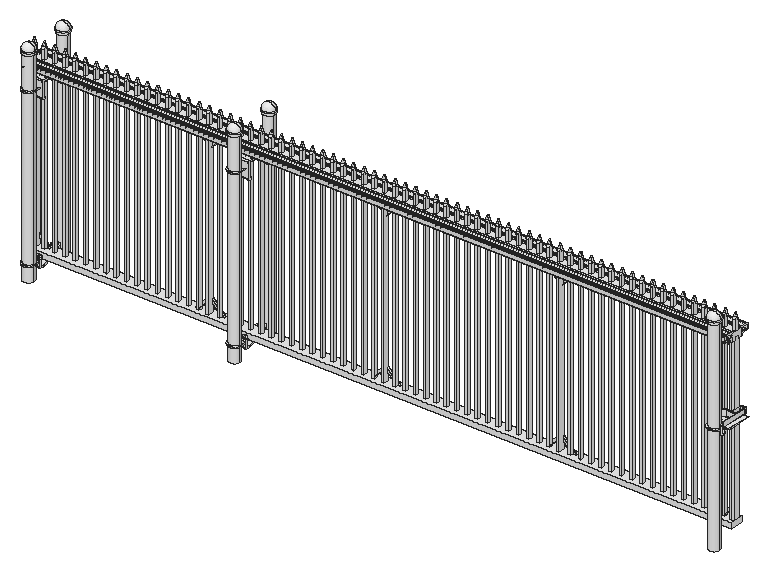
Revit family "Site-Fencing-Tymetal_Corp-Structural_Cantilever_Slide_Gate-Ornamental", category Site, Revit 2015
Parameters (values of type "Standard")
  URL = "http://www.tymetal.com/"
  Support Bracket = Picket Panel Count - 1  # 3
  Single Gate Clearances = if(Clear Opening < 12' 0", 12' 0", if(Clear Opening > 30' 0", 30' 0", Clear Opening))  # 15' - 0"
  Proposed Fence Location [instance] = yes
  Product data url = "https://bimobject.com/tymetal/product/tymetal-fortress-structural"
  Product Page URL = "http://www.tymetal.com/industrial-commercial/cantilever-gates/fortress-structural-cantilever/"
  Product Documentation Link = "http://www.tymetal.com/wp-content/uploads/2013/04/Tymetal-Fortress-Structural-Cantilever-Slide-Gate.pdf"
  Post Spacing = (Single Gate Clearances / 2) - 0' 11"  # 6' - 7"
  Post Count = 2  # constant formula
  Post Radius = Post Diameter / 2  # 0' - 2"
  Post Height = Gate Height Clearances + 0' 6"  # 6' - 6"
  Post Diameter = 0' - 4"  # constant formula
  Picket Top = yes
  Picket Spacing = 0' - 4"
  Picket Panel Length = (Length - 0' 1") / Picket Panel Count  # 5' - 7 1/4"
  Picket Panel Count = if(and(Clear Opening > 12' 0", Clear Opening < 17' 0"), 4, if(and(Clear Opening > 18' 0", Clear Opening < 23' 0"), 5, if(and(Clear Opening > 24' 0", Clear Opening < 29' 0"), 6, if(and(Clear Opening > 30' 0", Clear Opening < 35' 0"), 7, if(and(Clear Opening > 36' 0", Clear Opening < 40' 0"), 8, 6)))))  # 4
  Picket Height = 0' - 6"
  Picket Count per Panel = Picket Panel Length / Picket Spacing  # 17
  Notes = "Single Clear Opening up to 40' and Double Clear Openings up to 80'"  # constant formula
  Nominal Gate Height = Gate Height Clearances + Picket Height  # 6' - 6"
  Mount Clamp Extension from Gate = 0' - 2 3/8"
  Model = "Ornamental"  # constant formula
  Manufacturer = "Tymetal Corp."  # constant formula
  Length = Single Gate Clearances * 1.5  # 22' - 6"
  Height = 6' - 0"
  Hardware Finish = Metal - Tymetal - Aluminum
  Gate Height Clearances = if(Height < 3' 0", 3' 0", if(Height > 8' 0", 8' 0", Height))  # 6' - 0"
  Gate Documentation Link = "http://www.tymetal.com/wp-content/uploads/2013/04/Tymetal-Fortress-Structural-Cantilever-Slide-Gate.pdf"
  Frame Width = 0' - 2"
  Finish Note = "For additional powder coat color options, please contact Tymetal"  # constant formula
  Finish = Metal - Tymetal - Aluminum
  Fence Offset from Grade = 0' - 5"
  Description = "Fortress Structural Cantilever Slide Gate with Ornamental Fencing"  # constant formula
  Cross Brace Length = Picket Panel Length  # 5' - 7 1/4"
  Clear Opening = 15' - 0"
  Catch Assembly Height Above Grade = 3' - 6"
  Bottom Guide Cover = no
  Assembly Code = "G2040100"
Reference planes (in)
  plane 1 "Center (Front/Back)": y = 0
  plane 2 "Bottom": z = 0
  plane 3 "Center (Left/Right)": x = 0
  plane 4 "Left": x = -135
  plane 5 "Right": x = 135
  plane 6 "Top": z = 78
  plane 7 "Opening Left": x = -49
  plane 8: x = -53
  plane 9: x = 131
  plane 10: z = 5
  plane 11: z = 72
  plane 12 "Center (Elevation)": z = 39
  plane 13: x = -130
  plane 14: y = -8.25
  plane 15: x = -51
  plane 16: x = -51
  plane 17: x = 134.5
  plane 18: x = -134.5
  plane 19: x = -130
  plane 20: x = -51
  plane 21: y = 8.25
  plane 22: z = 65.5625
  plane 23: x = -67.25
  plane 24: x = 67.25
Dimensions and locks (in)
  equal spacing: plane 4 "Left", plane 3 "Center (Left/Right)", plane 5 "Right"
  "Length": plane 4 "Left" to plane 5 "Right"
  "Gate Height Clearances": plane 11 to plane 2 "Bottom"
  "Post Diameter": plane 8 to plane 7 "Opening Left"
  plane 9 to plane 5 "Right" = 0' - 4"
  "Picket Height": plane 6 "Top" to plane 11
  "Fence Offset from Grade": plane 10 to level
  equal spacing: plane 6 "Top", plane 12 "Center (Elevation)", plane 2 "Bottom"
  "Single Gate Clearances": plane 7 "Opening Left" to plane 9
  group 2 to group 1 = 6' - 7"
  group 2 to group 1 = 0' - 0"
  group 1 to group 2 = 0' - 0"
  "Post Spacing": nested 4 to nested 1
  locked: plane 10 to nested 5 at 0.375
  "Catch Assembly Height Above Grade": level to nested 7
  locked: plane 11 to nested 8 at 0.125
  equal spacing: plane 8, plane 16, plane 7 "Opening Left"
  locked: plane 17 to plane 5 "Right" at 0.5
  locked: plane 4 "Left" to plane 18 at 0.5
  equal spacing: group 4, group 6, group 5, group 3
  equal spacing: group 3, group 5, group 6, group 4  (x2)
  "Post Spacing": nested 17 to nested 16
  locked: plane 4 "Left" to plane 13 at 5
  equal spacing: plane 21, plane 1 "Center (Front/Back)", plane 14
  locked: plane 21 to plane 14 at 16.5
  locked: plane 14 to nested 15 at 4
  locked: plane 11 to plane 22 at 6.4375
  "Picket Panel Length": plane 18 to plane 23
  "Picket Panel Length": plane 24 to plane 17
  equal spacing: group 9, group 11, group 10  (x3)
  equal spacing: group 12, group 14, group 15, group 13  (x3)
  aligned and locked: plane 8 to nested 1
  aligned and locked: plane 9 to nested 2
  aligned and locked: plane 4 "Left" to nested 3
  aligned and locked: nested 1 to level
  aligned and locked: nested 4 to level
  aligned and locked: nested 2 to level
  aligned and locked: nested 1 to nested 8
  aligned and locked: nested 4 to nested 9
  aligned and locked: nested 4 to nested 6
  aligned and locked: nested 7 to nested 2
  aligned and locked: nested 5 to nested 1
  aligned and locked: plane 13 to nested 4
  aligned and locked: plane 14 to nested 4
  aligned and locked: nested 10 to plane 17
  aligned and locked: plane 18 to nested 14
  aligned and locked: plane 18 to nested 11
  aligned and locked: nested 15 to plane 16
  aligned and locked: level to nested 16
  aligned and locked: nested 17 to level
  aligned and locked: plane 19 to nested 17
  aligned and locked: nested 17 to plane 21
  aligned and locked: nested 16 to plane 21
  aligned and locked: plane 1 "Center (Front/Back)" to nested 3
  aligned and locked: nested 9 to plane 14
  aligned and locked: nested 1 to plane 14
  aligned and locked: nested 5 to plane 14
  aligned and locked: nested 2 to plane 14
  aligned and locked: nested 7 to plane 14
  aligned and locked: nested 6 to plane 14
  aligned and locked: nested 8 to plane 14
  aligned and locked: nested 18 to plane 21
  aligned and locked: nested 19 to plane 21
  aligned and locked: plane 1 "Center (Front/Back)" to nested 14
  aligned and locked: nested 11 to plane 1 "Center (Front/Back)"
  aligned and locked: nested 10 to plane 1 "Center (Front/Back)"
  aligned and locked: nested 18 to nested 17
  aligned and locked: nested 19 to nested 16
  aligned and locked: nested 18 to nested 4
  aligned and locked: nested 19 to nested 1
  aligned and locked: plane 22 to nested 8
  aligned and locked: nested 6 to plane 22
  aligned and locked: plane 22 to nested 18
  aligned and locked: plane 22 to nested 19
  aligned and locked: plane 23 to nested 20
  aligned and locked: plane 1 "Center (Front/Back)" to nested 20
  aligned and locked: plane 17 to nested 21
  aligned and locked: plane 1 "Center (Front/Back)" to nested 21
  aligned and locked: nested 3 to nested 24
  aligned and locked: level to nested 11
  aligned and locked: level to nested 24
  aligned and locked: level to nested 13
  aligned and locked: level to nested 12
  aligned and locked: plane 18 to nested 24
  aligned and locked: level to nested 25
  aligned and locked: nested 25 to plane 17
  aligned and locked: level to nested 10
  aligned and locked: level to nested 2
  aligned and locked: plane 24 to nested 22
  aligned and locked: plane 1 "Center (Front/Back)" to nested 22
Nested families (in)
  nested 1: "Fence - Post" at (-51, -8.25, 0), type "Fence - Post"
    with Post Height 6' - 6"
  nested 2: "Fence - Post" at (133, -8.25, 0), type "Fence - Post"
    with Post Height 6' - 6"
  nested 3: "Fence - Frame" at (-86, 0, 0), type "Fence - Frame"
    with Outer Track yes, Outer Chain no, Frame Height 6' - 6"
  nested 4: "Fence - Post" at (-130, -8.25, 0), type "Fence - Post"
    with Post Height 6' - 6"
  nested 5: "Fence - Bottom Guide" at (-51, -8.25, 5.75), type "Fence - Bottom Guide"
    with Post Attachment Extension 0' - 2 3/8", Guide Cover no
  nested 6: "Fence - Hanger with Track" at (-130, -8.25, 65.5625), type "Fence - Hanger with Track"
    with Post Attachment Extension 0' - 2 3/8"
  nested 7: "Fence - Catch Assembly" at (133, -8.25, 42), type "Fence - Catch Assembly"
    with Post Attachment Extension 0' - 2 3/8", Catch Location 0' - 1 1/4"
  nested 8: "Fence - Hanger with Track" at (-51, -8.25, 65.5625), type "Fence - Hanger with Track"
    with Post Attachment Extension 0' - 2 3/8"
  nested 9: "Fence - Bottom Guide" at (-130, -8.25, 5.75), type "Fence - Bottom Guide"
    with Post Attachment Extension 0' - 2 3/8", Guide Cover no
  nested 10: "Fence - Picket Panel" at (103.75, 1, 0), type "Front Picket Panel"
    with Lower Cross Picket yes, Picket Spacing 0' - 4", Picket Space Calc 0' - 4", Picket Panel Count Calc 4, Picket Count Calc 16, Picket Count 17, Picket Panel Length 5' - 7 1/4"
  nested 11: "Fence - Picket Panel" at (-98, 1, 0), type "Front Picket Panel"
    with Lower Cross Picket yes, Picket Spacing 0' - 4", Picket Space Calc 0' - 4", Picket Panel Count Calc 4, Picket Count Calc 16, Picket Count 17, Picket Panel Length 5' - 7 1/4"
  nested 12: "Fence - Picket Panel" at (36.5, 1, 0), type "Front Picket Panel"
    with Lower Cross Picket yes, Picket Spacing 0' - 4", Picket Space Calc 0' - 4", Picket Panel Count Calc 4, Picket Count Calc 16, Picket Count 17, Picket Panel Length 5' - 7 1/4"
  nested 13: "Fence - Picket Panel" at (-30.75, 1, 0), type "Front Picket Panel"
    with Lower Cross Picket yes, Picket Spacing 0' - 4", Picket Space Calc 0' - 4", Picket Panel Count Calc 4, Picket Count Calc 16, Picket Count 17, Picket Panel Length 5' - 7 1/4"
  nested 14: "Fence - Picket at Cross" at (-134.5, 0, 0), type "Fence - Picket at Cross"
    with Nominal Gate Height 6' - 6"
  nested 15: "Fence" at (-102.5, -12.25, 0) x (-1, 0, 0) z (0, 0, 1), visible <- "Proposed Fence Location", type "Fence"
  nested 16: "Fence - Post" at (-51, 8.25, 0), type "Fence - Post"
    with Post Height 6' - 6"
  nested 17: "Fence - Post" at (-130, 8.25, 0), type "Fence - Post"
    with Post Height 6' - 6"
  nested 18: "Fence - Hanger with Track" at (-130, 8.25, 65.5625), type "Fence - Hanger with Track"
    with Post Attachment Extension 0' - 2 3/8"
  nested 19: "Fence - Hanger with Track" at (-51, 8.25, 65.5625), type "Fence - Hanger with Track"
    with Post Attachment Extension 0' - 2 3/8"
  nested 20: "Fence - Picket at Cross" at (-67.25, 0, 0), type "Fence - Picket at Cross"
    with Nominal Gate Height 6' - 6"
  nested 21: "Fence - Picket at Cross" at (134.5, 0, 0), type "Fence - Picket at Cross"
    with Nominal Gate Height 6' - 6"
  nested 22: "Fence - Picket at Cross" at (67.25, 0, 0), type "Fence - Picket at Cross"
    with Nominal Gate Height 6' - 6"
  nested 23: "Fence - Picket at Cross" at (0, 0, 0), type "Fence - Picket at Cross"
    with Nominal Gate Height 6' - 6"
  nested 24: "Fence - Ornamental Cross Brace" at (-98, 1, 0), type "Panel"
    with Panel Length 5' - 7 1/4"
  nested 25: "Fence - Ornamental Cross Brace" at (103.75, 1, 0), type "Panel"
    with Panel Length 5' - 7 1/4"
  nested 26: "Fence - Ornamental Cross Brace" at (-30.75, 1, 0), type "Panel"
    with Panel Length 5' - 7 1/4"
  nested 27: "Fence - Ornamental Cross Brace" at (36.5, 1, 0), type "Panel"
    with Panel Length 5' - 7 1/4"
Definition of nested family "Fence - Post"
  Parameters
    Post Radius = Post Diameter / 2  # 0' - 2"
    Post Material = none
    Post Height = 5' - 11 1/2"
    Post Diameter = 0' - 4"
    Cap Radius = Post Radius + 0' 0 1/4"  # 0' - 2 1/4"
  Reference planes (in)
    plane 1 "Center (Front/Back)": y = 0
    plane 2: z = 0
    plane 3 "Center (Left/Right)": x = 0
    plane 4: z = 75
    plane 5 "Post Right": x = 2
    plane 6 "Post Left": x = -2
    plane 7 "Post Front": y = 2
    plane 8 "Post Back": y = -2
    plane 9: z = 71.5
    plane 10: x = -2.25
    plane 11: x = -2.49863
    plane 12: z = 75
  Forms (in)
    Revolve 1, solid, material <- "Post Material", detail levels coarse
      sketch origin (0, 0, 0) x (1, 0, 0) y (0, 0, 1)
        loop
          line (-2, 0) -> (0, 0) -> (0, 75) -> (-2, 75) -> (-2, 0)
        axis (0, 75) -> (0, 0)
      angle from 0 to 360
    Revolve 2, solid, material <- "Post Material", detail levels medium+fine
      sketch origin (0, 0, 2.5) x (1, 0, 0) y (0, 0, 1)
        loop
          line (-2, -2.5) -> (0, -2.5) -> (0, 72.5)
          arc (0, 72.5) -> (-1.59099, 71.84099) -> (-2.25, 70.25) r 2.25
          line (-2.25, 70.25) -> (-2.49863, 70.25) -> (-2.49863, 70) -> (-2.25, 70) -> (-2.25, 69) -> (-2, 69) -> (-2, -2.5)
        axis (0, 72.5) -> (0, -2.5)
      angle from 0 to 360
  Lines and regions (in)
    Masking region 1
      outline origin (0, 0, 0) x (1, 0, 0) y (0, 1, 0)
        loop
          circle (0, 0) r 2
  Dimensions and locks (in)
    "Post Height": plane 9 to plane 2
    "Post Radius": plane 3 "Center (Left/Right)" to Revolve 1 sketch curve
    equal spacing: plane 6 "Post Left", plane 3 "Center (Left/Right)", plane 5 "Post Right"
    "Post Diameter": plane 6 "Post Left" to plane 5 "Post Right"
    "Post Diameter": plane 8 "Post Back" to plane 7 "Post Front"
    equal spacing: plane 8 "Post Back", plane 1 "Center (Front/Back)", plane 7 "Post Front"
    Revolve 2 sketch curve to Revolve 2 sketch curve to Revolve 2 sketch curve = 0' - 0 1/4" locked, 0' - 1" locked
    plane 11 to plane 10 to plane 6 "Post Left" = 0' - 0.24863" locked, 0' - 0 1/4" locked
    "Post Radius": radius of Masking region 1 sketch curve
    aligned and locked: Revolve 1 sketch curve to plane 3 "Center (Left/Right)"  (x2)
    aligned and locked: Revolve 1 sketch curve to level
    aligned and locked: Revolve 2 sketch curve to plane 3 "Center (Left/Right)"  (x2)
    aligned and locked: Revolve 2 sketch curve to level
    aligned and locked: plane 3 "Center (Left/Right)" to Masking region 1 sketch curve
    aligned and locked: plane 1 "Center (Front/Back)" to Masking region 1 sketch curve
    aligned and locked: plane 9 to Revolve 2
    aligned and locked: plane 9 to Revolve 2 sketch curve
    aligned and locked: plane 6 "Post Left" to Revolve 2 sketch curve
    aligned and locked: Revolve 2 sketch curve to plane 10
    aligned and locked: plane 11 to Revolve 2 sketch curve
    aligned and locked: plane 10 to Revolve 2 sketch curve
    aligned and locked: plane 12 to plane 4
    aligned and locked: plane 12 to Revolve 2 sketch curve
  Automatic sketch dimensions
    Revolve 2 sketch curve to Revolve 2 sketch curve = 2' - 0 1/2"
    plane 4 to Revolve 2 sketch curve = 3' - 9.60702"
    Revolve 1 sketch curve to plane 4 = 0' - 0"
    Revolve 1 sketch curve to Revolve 1 sketch curve = 2' - 0"
    Revolve 1 sketch curve to Revolve 1 sketch curve = 3' - 10.10599"
Definition of nested family "Fence - Frame"
  Parameters
    Tube Ends Width = 0' - 2"
    Primary Member Width = 0' - 5"
    Primary Member Height = 0' - 2"
    Picket Height = 0' - 6"
    Outer Track = no
    Outer Chain = yes
    Inner Track = yes
    Inner Chain = no
    Frame Material = none
    Frame Length = 22' - 6"
    Frame Height Above Grade = 0' - 5"
    Frame Height = 6' - 0"
    Drive Chain Height = 1' - 6"
  Reference planes (in)
    plane 1 "Center (Front/Back)": y = 0
    plane 2: z = 0
    plane 3 "Center (Left/Right)": x = 86
    plane 4: x = -49
    plane 5: x = 221
    plane 6: y = -1
    plane 7: y = 1
    plane 8: z = 66
    plane 9: z = 5
    plane 10: z = 72
    plane 11: y = 2.5
    plane 12: y = -2.5
    plane 13: z = 23
    plane 14: x = -47
  Forms (in)
    Extrusion 1, solid, material <- "Frame Material"
      sketch origin (0, 0, 0) x (1, 0, 0) y (0, 0, 1)
        loop
          line (-49, 64) -> (-49, 7) -> (-47, 7) -> (-47, 64) -> (-49, 64)
        loop
          line (221, 64) -> (219, 64) -> (219, 7) -> (221, 7) -> (221, 64)
      from -1 to 1
    Extrusion 2, solid, material <- "Frame Material", detail levels coarse
      sketch origin (86, 0, 0) x (0, 1, 0) y (0, 0, 1)
        loop
          line (2.5, 66) -> (-2.5, 66) -> (-2.5, 62.8125) -> (-1, 62.8125) -> (-1, 64) -> (1, 64) -> (1, 62.8125) -> (2.5, 62.8125) -> (2.5, 66)
        loop
          line (2.5, 5) -> (2.5, 7) -> (-2.5, 7) -> (-2.5, 5) -> (2.5, 5)
      from -135 to 135
    Extrusion 3, solid, material <- "Frame Material", detail levels medium+fine
      sketch origin (86, 0, 0) x (0, 1, 0) y (0, 0, 1)
        loop
          line (2.5, 66) -> (-2.5, 66) -> (-2.5, 64.156) -> (-2.375, 64.156) -> (-2.375, 63.718) -> (-2.5, 63.718) -> (-2.5, 62.8125) -> (-1, 62.8125) -> (-1, 64) -> (1, 64) -> (1, 62.8125) -> (2.5, 62.8125) -> (2.5, 63.718) -> (2.375, 63.718) -> (2.375, 64.156) -> (2.5, 64.156) -> (2.5, 66)
        loop
          line (-2.5, 7) -> (-2.5, 5) -> (2.5, 5) -> (2.5, 7) -> (-2.5, 7)
      from -135 to 135
    Extrusion 4, solid, material <- "Frame Material", visible <- "Inner Chain", detail levels medium+fine
      sketch origin (86, 0, 0) x (0, 1, 0) y (0, 0, 1)
        loop
          line (-2.4375, 23.03125) -> (-2.5625, 23.03125) -> (-2.5625, 22.96875) -> (-2.4375, 22.96875) -> (-2.4375, 23.03125)
      from -133 to 133
    Extrusion 5, solid, material <- "Frame Material", visible <- "Outer Chain", detail levels medium+fine
      sketch origin (86, 0, 0) x (0, -1, 0) y (0, 0, -1)
        loop
          line (-2.4375, -23.03125) -> (-2.4375, -22.96875) -> (-2.5625, -22.96875) -> (-2.5625, -23.03125) -> (-2.4375, -23.03125)
      from -133 to 133
    Sweep 6, solid, material <- "Frame Material", visible <- "Outer Chain", detail levels medium+fine
      path origin (0, 13.5289, 23) x (0, 1, 0) y (-1, 0, 0)
        loop
          arc (-10.9664, 47) -> (-11.40574, 48.06066) -> (-12.4664, 48.5) r 1.5
          line (-12.4664, 48.5) -> (-12.5289, 48.5)
      profile origin (-48.06066, 2.12316, 23) x (0.707107, -0.707107, 0) y (0, 0, 1)
        loop
          line (0.125, 0.03125) -> (0, 0.03125) -> (0, -0.03125) -> (0.125, -0.03125) -> (0.125, 0.03125)
    Sweep 7, solid, material <- "Frame Material", visible <- "Outer Chain", detail levels medium+fine
      path origin (172, 13.5289, 23) x (0, 1, 0) y (-1, 0, 0)
        loop
          arc (-10.9664, -47) -> (-11.40574, -48.06066) -> (-12.4664, -48.5) r 1.5
          line (-12.4664, -48.5) -> (-12.5289, -48.5)
      profile origin (220.06066, 2.12316, 23) x (0.707107, 0.707107, 0) y (0, 0, 1)
        loop
          line (-0.125, 0.03125) -> (-0.125, -0.03125) -> (0, -0.03125) -> (0, 0.03125) -> (-0.125, 0.03125)
    Sweep 8, solid, material <- "Frame Material", visible <- "Inner Chain", detail levels medium+fine
      path origin (0, -13.5289, 23) x (0, -1, 0) y (1, 0, 0)
        loop
          arc (-10.9664, -47) -> (-11.40574, -48.06066) -> (-12.4664, -48.5) r 1.5
          line (-12.4664, -48.5) -> (-12.5289, -48.5)
      profile origin (-48.06066, -2.12316, 23) x (-0.707107, -0.707107, 0) y (0, 0, 1)
        loop
          line (-0.125, 0.03125) -> (-0.125, -0.03125) -> (0, -0.03125) -> (0, 0.03125) -> (-0.125, 0.03125)
    Sweep 9, solid, material <- "Frame Material", visible <- "Inner Chain", detail levels medium+fine
      path origin (172, -13.5289, 23) x (0, -1, 0) y (1, 0, 0)
        loop
          arc (-10.9664, 47) -> (-11.40574, 48.06066) -> (-12.4664, 48.5) r 1.5
          line (-12.4664, 48.5) -> (-12.5289, 48.5)
      profile origin (220.06066, -2.12316, 23) x (-0.707107, 0.707107, 0) y (0, 0, 1)
        loop
          line (0.125, 0.03125) -> (0, 0.03125) -> (0, -0.03125) -> (0.125, -0.03125) -> (0.125, 0.03125)
  Cuts and joins
    joined: Extrusion 5, Sweep 6, Sweep 7
    joined: Extrusion 4, Sweep 8, Sweep 9
  Lines and regions (in)
    Masking region 1
      outline origin (0, 0, 0) x (1, 0, 0) y (0, 1, 0)
        loop
          line (-49, 2.5) -> (-49, -2.5) -> (221, -2.5) -> (221, 2.5) -> (-49, 2.5)
  Dimensions and locks (in)
    equal spacing: plane 4, plane 3 "Center (Left/Right)", plane 5
    "Frame Length": plane 4 to plane 5
    equal spacing: plane 7, plane 1 "Center (Front/Back)", plane 6
    "Tube Ends Width": plane 7 to plane 6
    "Frame Height Above Grade": plane 9 to level
    "Frame Height": plane 10 to level
    "Tube Ends Width": Extrusion 1 sketch curve to plane 4
    "Tube Ends Width": plane 5 to Extrusion 1 sketch curve
    "Picket Height": plane 10 to plane 8
    equal spacing: plane 12, plane 1 "Center (Front/Back)", plane 11
    "Primary Member Width": plane 12 to plane 11
    "Drive Chain Height": plane 13 to plane 9
    equal spacing: Extrusion 4 sketch curve, plane 12, Extrusion 4 sketch curve
    equal spacing: Extrusion 4 sketch curve, plane 13, Extrusion 4 sketch curve
    locked: plane 13 to Extrusion 4 sketch curve at 0.03125
    locked: Extrusion 4 sketch curve to plane 12 at 0.0625
    equal spacing: Extrusion 5 sketch curve, plane 11, Extrusion 5 sketch curve
    equal spacing: Extrusion 5 sketch curve, plane 13, Extrusion 5 sketch curve
    locked: plane 11 to Extrusion 5 sketch curve at 0.0625
    locked: Extrusion 5 sketch curve to plane 13 at 0.03125
    locked: plane 4 to plane 14 at 2
    aligned and locked: plane 7 to Extrusion 1
    aligned and locked: Extrusion 1 to plane 6
    aligned and locked: plane 8 to Extrusion 2 sketch curve
    aligned and locked: plane 9 to Extrusion 2 sketch curve
    aligned and locked: plane 11 to Extrusion 2 sketch curve  (x2)
    aligned and locked: plane 12 to Extrusion 2 sketch curve  (x2)
    aligned and locked: Extrusion 2 sketch curve to Extrusion 1  (x2)
    aligned and locked: plane 7 to Extrusion 2 sketch curve
    aligned and locked: plane 6 to Extrusion 2 sketch curve
    aligned and locked: plane 11 to Extrusion 3 sketch curve
    aligned and locked: plane 8 to Extrusion 3 sketch curve
    aligned and locked: plane 12 to Extrusion 3 sketch curve
    aligned and locked: Extrusion 3 sketch curve to Extrusion 2  (x6)
    aligned and locked: plane 7 to Extrusion 3 sketch curve
    aligned and locked: plane 6 to Extrusion 3 sketch curve
    aligned and locked: Extrusion 3 sketch curve to Extrusion 1
    aligned and locked: plane 5 to Extrusion 3
    aligned and locked: Extrusion 3 to plane 4
    aligned and locked: plane 5 to Extrusion 2
    aligned and locked: Extrusion 2 to plane 4
    aligned and locked: plane 4 to nested 1
    aligned and locked: plane 5 to nested 1
    aligned and locked: plane 8 to nested 1
    aligned and locked: plane 11 to nested 1
    aligned and locked: Extrusion 3 to Extrusion 3  (x2)
    aligned and locked: nested 2 to plane 8
    aligned and locked: plane 12 to nested 2
    aligned and locked: nested 2 to plane 4
    aligned and locked: nested 2 to plane 5
    aligned and locked: Extrusion 4 to Extrusion 1  (x2)
    aligned and locked: Extrusion 5 to Extrusion 1  (x2)
  Automatic sketch dimensions
    Masking region 1 sketch curve to plane 4 = 0' - 0"
    Masking region 1 sketch curve to plane 5 = 0' - 0"
    plane 12 to Masking region 1 sketch curve = 0' - 0"
    plane 11 to Masking region 1 sketch curve = 0' - 0"
    Extrusion 2 sketch curve to Extrusion 2 sketch curve = 0' - 1 3/16"  (x2)
    Extrusion 3 sketch curve to plane 12 = 0' - 0"
    Extrusion 3 sketch curve to plane 11 = 0' - 0"
    Extrusion 3 sketch curve to plane 12 = 0' - 0 1/8"
    Extrusion 3 sketch curve to Extrusion 3 sketch curve = 0' - 0 1/8"
    Extrusion 3 sketch curve to Extrusion 3 sketch curve = 0' - 0.9055"  (x2)
    Extrusion 3 sketch curve to Extrusion 3 sketch curve = 0' - 0.438"  (x2)
    Sweep 6 sketch curve to plane 7 = 0' - 0"
    Sweep 6 sketch curve to plane 14 = 0' - 0"
    plane 7 to Sweep 6 sketch curve = 0' - 0 1/16"
    plane 4 to Sweep 6 sketch curve = 0' - 0 1/2"
    Sweep 6 sketch curve to profile plane = 0' - 0"
    Sweep 6 sketch curve to plane 13 = 0' - 0 1/32"
    Sweep 6 sketch curve to Sweep 6 sketch curve = 0' - 0 1/8"
    plane 13 to Sweep 6 sketch curve = 0' - 0 1/32"
    plane 7 to Sweep 7 sketch curve = 0' - 0"
    Sweep 7 sketch curve to Sweep 7 sketch curve = 0' - 0 1/16"
    Sweep 7 sketch curve to plane 5 = 0' - 0 1/2"
    Sweep 7 sketch curve to Sweep 7 sketch curve = 0' - 1 1/2"
    Sweep 7 sketch curve to profile plane = 0' - 0"
    plane 13 to Sweep 7 sketch curve = 0' - 0 1/32"
    profile plane to Sweep 7 sketch curve = 0' - 0 1/8"
    Sweep 7 sketch curve to plane 13 = 0' - 0 1/32"
    Sweep 8 sketch curve to plane 6 = 0' - 0"
    Sweep 8 sketch curve to plane 14 = 0' - 0"
    Sweep 8 sketch curve to Sweep 8 sketch curve = 0' - 0 1/16"
    plane 4 to Sweep 8 sketch curve = 0' - 0 1/2"
    Sweep 8 sketch curve to profile plane = 0' - 0"
    plane 13 to Sweep 8 sketch curve = 0' - 0 1/32"
    profile plane to Sweep 8 sketch curve = 0' - 0 1/8"
    Sweep 8 sketch curve to plane 13 = 0' - 0 1/32"
    plane 6 to Sweep 9 sketch curve = 0' - 0"
    Sweep 9 sketch curve to Sweep 9 sketch curve = 0' - 0 1/16"
    Sweep 9 sketch curve to plane 5 = 0' - 2"
    Sweep 9 sketch curve to plane 5 = 0' - 0 1/2"
    Sweep 9 sketch curve to profile plane = 0' - 0"
    Sweep 9 sketch curve to plane 13 = 0' - 0 1/32"
    Sweep 9 sketch curve to profile plane = 0' - 0 1/8"
    plane 13 to Sweep 9 sketch curve = 0' - 0 1/32"
    Extrusion 1 sketch curve to plane 4 = 0' - 0"
    Extrusion 1 sketch curve to plane 5 = 0' - 0"
    plane 9 to Extrusion 1 sketch curve = 0' - 2"  (x2)
    Extrusion 1 sketch curve to plane 8 = 0' - 2"  (x2)
  Nested families (in)
    nested 1: "Fence - Track" at (86, 3.625, 66), visible <- "Outer Track", type "Fence - Track"
      with Length 22' - 6"
    nested 2: "Fence - Track" at (86, -3.625, 66), visible <- "Inner Track", type "Fence - Track"
      with Length 22' - 6"
  Definition of nested family "Fence - Track"
    Parameters
      Track Material = none
      Length [instance] = 2' - 0"
    Reference planes (in)
      plane 1 "Center (Front/Back)": y = 0
      plane 2: z = 0
      plane 3 "Center (Left/Right)": x = 0
      plane 4: z = -3
      plane 5: y = -1.875
      plane 6: y = 1.875
      plane 7: z = 0.3125
      plane 8: z = -1.34375
      plane 9: y = -1.125
      plane 10: z = -1.75
      plane 11: y = 0.375
      plane 12: x = -12
      plane 13: x = 12
    Forms (in)
      Extrusion 1, solid, material <- "Track Material", detail levels coarse
        sketch origin (0, 0, 0) x (0, 1, 0) y (0, 0, 1)
          loop
            line (1.875, 0.3125) -> (-1.875, 0.3125) -> (-1.875, 0) -> (-1.125, 0) -> (-1.125, -3) -> (-0.937, -3) -> (-0.937, -2) -> (-0.3125, -2) -> (-0.3125, -1.75) -> (-0.937, -1.75) -> (-0.937, -0.094) -> (1.563, -0.094) -> (1.563, -1.75) -> (0.9375, -1.75) -> (0.9375, -2) -> (1.875, -2) -> (1.875, 0.3125)
        from -12 to 12
      Extrusion 2, solid, material <- "Track Material", detail levels medium+fine
        sketch origin (0, 0, 0) x (0, 1, 0) y (0, 0, 1)
          loop
            arc (1.875, 0.062) -> (1.83839, 0.15039) -> (1.75, 0.187) r 0.125
            line (1.75, 0.187) -> (1.10832, 0.187) -> (1.03615, 0.312) -> (-1.0272, 0.312) -> (-1.063, 0.25) -> (-1.687, 0.25)
            arc (-1.687, 0.25) -> (-1.81994, 0.19494) -> (-1.875, 0.062) r 0.188
            line (-1.875, 0.062) -> (-1.875, 0) -> (-1.125, 0) -> (-1.125, -0.25) -> (-1.063, -0.312) -> (-1.063, -0.813) -> (-1.125, -0.875) -> (-1.125, -1) -> (-1.063, -1.062) -> (-1.063, -1.438) -> (-1.125, -1.5) -> (-1.125, -1.844) -> (-1.25, -1.844) -> (-1.25, -2.282) -> (-1.125, -2.282) -> (-1.125, -3) -> (-1.062, -3)
            arc (-1.062, -3) -> (-0.97361, -2.96339) -> (-0.937, -2.875) r 0.125
            line (-0.937, -2.875) -> (-0.937, -2.34871)
            arc (-0.937, -2.34871) -> (-0.89692, -2.21293) -> (-0.78952, -2.12069) r 0.25
            line (-0.78952, -2.12069) -> (-0.312, -1.906) -> (-0.312, -1.781) -> (-0.875, -1.781)
            arc (-0.875, -1.781) -> (-0.91884, -1.76284) -> (-0.937, -1.719) r 0.062
            line (-0.937, -1.719) -> (-0.937, -0.156)
            arc (-0.937, -0.156) -> (-0.91884, -0.11216) -> (-0.875, -0.094) r 0.062
            line (-0.875, -0.094) -> (-0.312, -0.094) -> (-0.22193, 0.062) -> (0.84793, 0.062) -> (0.938, -0.094) -> (1.501, -0.094)
            arc (1.501, -0.094) -> (1.54484, -0.11216) -> (1.563, -0.156) r 0.062
            line (1.563, -0.156) -> (1.563, -1.719)
            arc (1.563, -1.719) -> (1.54484, -1.76284) -> (1.501, -1.781) r 0.062
            line (1.501, -1.781) -> (0.938, -1.781) -> (0.938, -1.906) -> (1.313, -2) -> (1.625, -2)
            arc (1.625, -2) -> (1.7098, -1.96684) -> (1.7496, -1.88494) r 0.125
            line (1.7496, -1.88494) -> (1.875, -0.313) -> (1.875, 0.062)
        from -12 to 12
    Lines and regions (in)
      Masking region 1
        outline origin (0, 0, 0) x (1, 0, 0) y (0, 1, 0)
          loop
            line (-12, 1.875) -> (-12, -1.875) -> (12, -1.875) -> (12, 1.875) -> (-12, 1.875)
    Dimensions and locks (in)
      equal spacing: plane 6, plane 1 "Center (Front/Back)", plane 5
      locked: plane 6 to plane 5 at 3.75
      equal spacing: plane 7, plane 8, plane 4
      locked: plane 7 to plane 4 at 3.3125
      locked: plane 7 to level at 0.3125
      locked: plane 9 to plane 5 at 0.75
      locked: plane 10 to plane 4 at 1.25
      equal spacing: plane 6, plane 11, plane 9
      equal spacing: plane 12, plane 3 "Center (Left/Right)", plane 13
      "Length": plane 12 to plane 13
      aligned and locked: plane 6 to Extrusion 1 sketch curve
      aligned and locked: plane 7 to Extrusion 1 sketch curve
      aligned and locked: plane 5 to Extrusion 1 sketch curve
      aligned and locked: level to Extrusion 1 sketch curve
      aligned and locked: plane 9 to Extrusion 1 sketch curve
      aligned and locked: plane 4 to Extrusion 1 sketch curve
      aligned and locked: plane 10 to Extrusion 1 sketch curve
      aligned and locked: plane 13 to Extrusion 2
      aligned and locked: Extrusion 2 to plane 12
      aligned and locked: Extrusion 1 to Extrusion 2  (x2)
      aligned and locked: Masking region 1 sketch curve to Extrusion 1  (x4)
    Automatic sketch dimensions
      Extrusion 1 sketch curve to plane 10 = 0' - 0"
      Extrusion 1 sketch curve to plane 9 = 0' - 0.188"  (x2)
      plane 1 "Center (Front/Back)" to Extrusion 1 sketch curve = 0' - 0 5/16"
      Extrusion 1 sketch curve to plane 11 = 0' - 0 9/16"
      plane 6 to Extrusion 1 sketch curve = 0' - 0.312"
      Extrusion 1 sketch curve to Extrusion 1 sketch curve = 0' - 0 1/4"
      Extrusion 2 sketch curve to level = 0' - 0"
      Extrusion 2 sketch curve to plane 5 = 0' - 0"
      Extrusion 2 sketch curve to plane 9 = 0' - 0"  (x4)
      Extrusion 2 sketch curve to plane 4 = 0' - 0"
      Extrusion 2 sketch curve to plane 6 = 0' - 0"
      level to Extrusion 2 sketch curve = 0' - 0.062"  (x3)
      Extrusion 2 sketch curve to plane 5 = 0' - 0.188"
      Extrusion 2 sketch curve to Extrusion 2 sketch curve = 0' - 0 1/8"  (x3)
      Extrusion 2 sketch curve to plane 9 = 0' - 0.062"  (x3)
      Extrusion 2 sketch curve to plane 9 = 0' - 0.063"
      Extrusion 2 sketch curve to plane 7 = 0' - 0.0005"
      Extrusion 2 sketch curve to Extrusion 2 sketch curve = 0' - 0.0358"
      Extrusion 2 sketch curve to plane 9 = 0' - 0.188"  (x2)
      Extrusion 2 sketch curve to Extrusion 2 sketch curve = 0' - 0.062"  (x7)
      Extrusion 2 sketch curve to Extrusion 2 sketch curve = 0' - 0.14748"
      Extrusion 2 sketch curve to Extrusion 2 sketch curve = 0' - 0 1/4"
      plane 1 "Center (Front/Back)" to Extrusion 2 sketch curve = 0' - 0.312"  (x2)
      Extrusion 2 sketch curve to level = 0' - 0.094"  (x2)
      Extrusion 2 sketch curve to Extrusion 2 sketch curve = 0' - 0.09007"  (x2)
      Extrusion 2 sketch curve to plane 1 "Center (Front/Back)" = 0' - 0.84793"
      Extrusion 2 sketch curve to plane 8 = 0' - 0.43725"
      plane 6 to Extrusion 2 sketch curve = 0' - 0.937"
      Extrusion 2 sketch curve to Extrusion 2 sketch curve = 0' - 0.18822"
      Extrusion 2 sketch curve to Extrusion 2 sketch curve = 0' - 0.07217"
      Extrusion 2 sketch curve to Extrusion 2 sketch curve = 0' - 0 3/8"
      Extrusion 2 sketch curve to level = 0' - 0.156"
      plane 6 to Extrusion 2 sketch curve = 0' - 0.374"
      plane 6 to Extrusion 2 sketch curve = 0' - 0 1/4"
      Extrusion 2 sketch curve to Extrusion 2 sketch curve = 0' - 0.1246"
      plane 6 to Extrusion 2 sketch curve = 0' - 0 1/8"
      Extrusion 2 sketch curve to Extrusion 2 sketch curve = 0' - 0.52629"
      Extrusion 2 sketch curve to Extrusion 2 sketch curve = 0' - 0.06671"
      Extrusion 2 sketch curve to Extrusion 2 sketch curve = 0' - 0.219"
      Extrusion 2 sketch curve to Extrusion 2 sketch curve = 0' - 0.21469"
      Extrusion 2 sketch curve to Extrusion 2 sketch curve = 0' - 0.11506"
      Extrusion 2 sketch curve to Extrusion 2 sketch curve = 0' - 0.27669"
      Extrusion 2 sketch curve to Extrusion 2 sketch curve = 0' - 0.063"
      Extrusion 2 sketch curve to plane 8 = 0' - 0 5/32"
      plane 8 to Extrusion 2 sketch curve = 0' - 0.28175"
      Extrusion 2 sketch curve to level = 0' - 0.313"
      Extrusion 2 sketch curve to Extrusion 2 sketch curve = 0' - 0.156"
      Extrusion 1 sketch curve to level = 0' - 0.094"
      Extrusion 1 sketch curve to plane 10 = 0' - 0 1/4"
Definition of nested family "Fence - Bottom Guide"
  Parameters
    Post Radius = Post Diameter / 2  # 0' - 2"
    Post Diameter = 0' - 4"
    Post Attachment Extension = 0' - 2"
    Outside Guide Location = 0' - 10 3/4"
    OG Calculation = if(Outside Guide Location < 0' 6 15/16", 0' 6 15/16", if(Outside Guide Location > 0' 10 3/4", 0' 10 3/4", Outside Guide Location))  # 0' - 10 3/4"
    Inside Guide Location = 0' - 1 11/16"
    IG Calculation = if(Inside Guide Location < 0' 1 11/16", 0' 1 11/16", if(Inside Guide Location > 0' 3 1/4", 0' 3 1/4", Inside Guide Location))  # 0' - 1 11/16"
    Guide Cover = yes
    Bottom Guide Material = none
  Reference planes (in)
    plane 1 "Center (Front/Back)": y = 0
    plane 2: z = 0
    plane 3 "Center (Left/Right)": x = 0
    plane 4: z = 1.5
    plane 5: z = -1.5
  Dimensions and locks (in)
    equal spacing: plane 4, level, plane 5
    plane 4 to plane 5 = 0' - 3"
    "Post Radius": plane 1 "Center (Front/Back)" to nested 1
    "IG Calculation": nested 3 to nested 1
    "OG Calculation": nested 1 to nested 2
    aligned and locked: plane 1 "Center (Front/Back)" to nested 4
    aligned and locked: plane 3 "Center (Left/Right)" to nested 4
    aligned and locked: plane 3 "Center (Left/Right)" to nested 2
    aligned and locked: nested 3 to plane 3 "Center (Left/Right)"
    aligned and locked: plane 3 "Center (Left/Right)" to nested 1
    aligned and locked: level to nested 4
    aligned and locked: level to nested 1
    aligned and locked: level to nested 3
    aligned and locked: level to nested 2
  Nested families (in)
    nested 1: "Fence - Guide Plate" at (0, 2, 0), type "Fence - Guide Plate"
    nested 2: "Fence - Bottom Wheel" at (0, 12.75, 0), type "Fence - Bottom Wheel"
    nested 3: "Fence - Bottom Wheel" at (0, 3.6875, 0) x (-1, 0, 0) z (0, 0, 1), type "Fence - Bottom Wheel"
    nested 4: "Fence - Post Bracket" at (0, 0, 0), type "Fence - Post Bracket"
      with Extension Length 0' - 2"
  Definition of nested family "Fence - Guide Plate"
    Parameters
      Bottom Guide Material = none
    Reference planes (in)
      plane 1 "Center (Front/Back)": y = 0
      plane 2: z = 0
      plane 3 "Center (Left/Right)": x = 0
      plane 4: z = 1.5
      plane 5: z = -1.5
    Forms (in)
      Extrusion 1, solid, material <- "Bottom Guide Material"
        sketch origin (0, -2.23749, 0) x (1, 0, 0) y (0, 1, 0)
          loop
            arc (-2.75, 2.9843) -> (-3.10355, 2.83785) -> (-3.25, 2.4843) r 0.5
            line (-3.25, 2.4843) -> (-3.25, 1.98847) -> (-1.1875, 1.98847)
            arc (-1.1875, 1.98847) -> (-1.11954, 2.15933) -> (-0.95309, 2.23749) r 0.25
            line (-0.95309, 2.23749) -> (0.95309, 2.23749)
            arc (0.95309, 2.23749) -> (1.11954, 2.15933) -> (1.1875, 1.98847) r 0.25
            line (1.1875, 1.98847) -> (3.25, 1.98847) -> (3.25, 2.4843)
            arc (3.25, 2.4843) -> (3.10355, 2.83785) -> (2.75, 2.9843) r 0.5
            line (2.75, 2.9843) -> (-2.75, 2.9843)
        from 1.125 to 1.5
      Extrusion 2, solid, material <- "Bottom Guide Material"
        sketch origin (0, -2.23749, 0) x (0, 1, 0) y (0, 0, 1)
          loop
            line (1.61249, 1.12403) -> (1.61249, -1.12403)
            arc (1.61249, -1.12403) -> (1.72261, -1.38988) -> (1.98847, -1.5) r 0.37597
            line (1.98847, -1.5) -> (1.98847, 1.5)
            arc (1.98847, 1.5) -> (1.72261, 1.38988) -> (1.61249, 1.12403) r 0.37597
        from -3.25 to -1.1875
      Extrusion 3, solid, material <- "Bottom Guide Material"
        sketch origin (0, -2.23749, 0) x (0, 1, 0) y (0, 0, -1)
          loop
            arc (1.61249, -1.12403) -> (1.72261, -1.38988) -> (1.98847, -1.5) r 0.37597
            line (1.98847, -1.5) -> (1.98847, 1.5)
            arc (1.98847, 1.5) -> (1.72261, 1.38988) -> (1.61249, 1.12403) r 0.37597
            line (1.61249, 1.12403) -> (1.61249, -1.12403)
        from -3.25 to -1.1875
      Extrusion 4, solid, material <- "Bottom Guide Material"
        sketch origin (0, -2.23771, 0) x (1, 0, 0) y (0, 1, 0)
          loop
            arc (-3.21923, 3.35865) -> (-3.24228, 3.23653) -> (-3.25, 3.11249) r 1
            line (-3.25, 3.11249) -> (-3.25, 1.98847) -> (-1.1875, 1.98847)
            arc (-1.1875, 1.98847) -> (-1.11961, 2.15948) -> (-0.95307, 2.23771) r 0.25
            line (-0.95307, 2.23771) -> (0.95307, 2.23771)
            arc (0.95307, 2.23771) -> (1.11961, 2.15948) -> (1.1875, 1.98847) r 0.25
            line (1.1875, 1.98847) -> (3.25, 1.98847) -> (3.25, 3.11259)
            arc (3.25, 3.11259) -> (3.2427, 3.2332) -> (3.22091, 3.35205) r 1
            line (3.22091, 3.35205) -> (0.72686, 13.17235)
            arc (0.72686, 13.17235) -> (-0.00013, 13.73749) -> (-0.72692, 13.17211) r 0.75
            line (-0.72692, 13.17211) -> (-3.21923, 3.35865)
        from -1.5 to -1.125
    Lines and regions (in)
      Masking region 1
        outline origin (0, -0.23749, 0) x (1, 0, 0) y (0, 1, 0)
          loop
            arc (0.72686, 11.17235) -> (-0.00013, 11.73749) -> (-0.72692, 11.17211) r 0.75
            line (-0.72692, 11.17211) -> (-3.21923, 1.35865)
            arc (-3.21923, 1.35865) -> (-3.24228, 1.23653) -> (-3.25, 1.11249) r 1
            line (-3.25, 1.11249) -> (-3.25, -0.38751) -> (-1.1875, -0.38751) -> (-1.1875, -0.01202)
            arc (-1.1875, -0.01202) -> (-1.11971, 0.15916) -> (-0.95309, 0.23749) r 0.25
            line (-0.95309, 0.23749) -> (0.95309, 0.23749)
            arc (0.95309, 0.23749) -> (1.11971, 0.15916) -> (1.1875, -0.01202) r 0.25
            line (1.1875, -0.01202) -> (1.1875, -0.38751) -> (3.25, -0.38751) -> (3.25, 1.11253)
            arc (3.25, 1.11253) -> (3.2427, 1.23316) -> (3.2209, 1.35202) r 1.00001
            line (3.2209, 1.35202) -> (0.72686, 11.17235)
      Masking region 2, detail levels medium+fine
        outline origin (0, -0.23749, 0) x (1, 0, 0) y (0, 1, 0)
          loop
            arc (-2.75, 0.9843) -> (-3.10355, 0.83785) -> (-3.25, 0.4843) r 0.5
            line (-3.25, 0.4843) -> (-3.25, -0.01153) -> (-1.1875, -0.01153)
            arc (-1.1875, -0.01153) -> (-1.11954, 0.15933) -> (-0.95309, 0.23749) r 0.25
            line (-0.95309, 0.23749) -> (0.95309, 0.23749)
            arc (0.95309, 0.23749) -> (1.11954, 0.15933) -> (1.1875, -0.01153) r 0.25
            line (1.1875, -0.01153) -> (3.25, -0.01153) -> (3.25, 0.4843)
            arc (3.25, 0.4843) -> (3.10355, 0.83785) -> (2.75, 0.9843) r 0.5
            line (2.75, 0.9843) -> (-2.75, 0.9843)
    Dimensions and locks (in)
      equal spacing: plane 4, level, plane 5
      plane 4 to plane 5 = 0' - 3"
      locked: Extrusion 1 to Extrusion 1 at 0.375
      locked: Extrusion 2 sketch curve to Extrusion 2 sketch curve at 0.37597
      locked: Extrusion 3 sketch curve to Extrusion 3 sketch curve at 0.37597
      locked: Extrusion 4 to Extrusion 4 at 0.375
    Automatic sketch dimensions
      plane 1 "Center (Front/Back)" to Extrusion 1 sketch curve = 0' - 0"
      plane 1 "Center (Front/Back)" to Extrusion 1 sketch curve = 0' - 0.24903"  (x2)
      Extrusion 1 sketch curve to plane 3 "Center (Left/Right)" = 0' - 3 1/4"
      Extrusion 1 sketch curve to plane 1 "Center (Front/Back)" = 0' - 0.2468"  (x2)
      Extrusion 1 sketch curve to Extrusion 1 sketch curve = 0' - 0 1/2"
      Extrusion 1 sketch curve to plane 3 "Center (Left/Right)" = 0' - 1 3/16"
      Extrusion 1 sketch curve to Extrusion 1 sketch curve = 0' - 0.2344"
      plane 1 "Center (Front/Back)" to Extrusion 1 sketch curve = 0' - 0.24951"  (x2)
      plane 3 "Center (Left/Right)" to Extrusion 1 sketch curve = 0' - 0 15/16"
      Extrusion 1 sketch curve to Extrusion 1 sketch curve = 0' - 0.0156"
      Extrusion 1 sketch curve to Extrusion 1 sketch curve = 0' - 1 9/16"
      Extrusion 2 sketch curve to plane 5 = 0' - 0"
      Extrusion 2 sketch curve to plane 4 = 0' - 0"
      plane 1 "Center (Front/Back)" to Extrusion 2 sketch curve = 0' - 0 5/8"
      plane 1 "Center (Front/Back)" to Masking region 1 sketch curve = 0' - 0"
      plane 1 "Center (Front/Back)" to Masking region 1 sketch curve = 0' - 0 5/8"  (x2)
      Masking region 1 sketch curve to plane 3 "Center (Left/Right)" = 0' - 3 1/4"
      Masking region 1 sketch curve to Masking region 1 sketch curve = 0' - 1"
      Masking region 1 sketch curve to plane 3 "Center (Left/Right)" = 0' - 1 3/16"
      Masking region 1 sketch curve to Masking region 1 sketch curve = 0' - 0.23441"
      Masking region 1 sketch curve to Masking region 1 sketch curve = 0' - 0.0156"  (x2)
      Masking region 1 sketch curve to plane 3 "Center (Left/Right)" = 0' - 0.72692"
      plane 3 "Center (Left/Right)" to Masking region 1 sketch curve = 0' - 0"
      plane 3 "Center (Left/Right)" to Masking region 1 sketch curve = 0' - 0.72686"
      plane 1 "Center (Front/Back)" to Masking region 1 sketch curve = 0' - 0.24951"  (x2)
      plane 3 "Center (Left/Right)" to Masking region 1 sketch curve = 0' - 0 15/16"
      Masking region 1 sketch curve to Masking region 1 sketch curve = 0' - 0"  (x6)
      Masking region 1 sketch curve to Masking region 1 sketch curve = 0' - 1 1/16"
      Masking region 1 sketch curve to plane 1 "Center (Front/Back)" = 0' - 1.11453"
      Masking region 1 sketch curve to Masking region 1 sketch curve = 0' - 0.9709"
      Masking region 1 sketch curve to Masking region 1 sketch curve = 0' - 0.0291"
      Masking region 1 sketch curve to plane 1 "Center (Front/Back)" = 0' - 0 7/8"
      Masking region 1 sketch curve to Masking region 1 sketch curve = 0' - 9.87497"
      Masking region 1 sketch curve to Masking region 1 sketch curve = 0' - 0.18462"
      Masking region 1 sketch curve to plane 1 "Center (Front/Back)" = 0' - 1.12115"
      Masking region 1 sketch curve to Masking region 1 sketch curve = 0' - 0.03077"
      plane 1 "Center (Front/Back)" to Masking region 2 sketch curve = 0' - 0"
      Masking region 2 sketch curve to plane 1 "Center (Front/Back)" = 0' - 0.2468"  (x2)
      Masking region 2 sketch curve to plane 3 "Center (Left/Right)" = 0' - 3 1/4"
      Masking region 2 sketch curve to Masking region 2 sketch curve = 0' - 0 1/2"
      plane 1 "Center (Front/Back)" to Masking region 2 sketch curve = 0' - 0.24903"  (x2)
      Masking region 2 sketch curve to plane 3 "Center (Left/Right)" = 0' - 1 3/16"
      Masking region 2 sketch curve to Masking region 2 sketch curve = 0' - 0.2344"
      plane 1 "Center (Front/Back)" to Masking region 2 sketch curve = 0' - 0.24951"  (x2)
      plane 3 "Center (Left/Right)" to Masking region 2 sketch curve = 0' - 0 15/16"
      Masking region 2 sketch curve to Masking region 2 sketch curve = 0' - 0.0156"
      Masking region 2 sketch curve to Masking region 2 sketch curve = 0' - 1 9/16"
      Extrusion 3 sketch curve to plane 5 = 0' - 0"
      Extrusion 3 sketch curve to plane 4 = 0' - 0"
      plane 1 "Center (Front/Back)" to Extrusion 3 sketch curve = 0' - 0 5/8"
      plane 1 "Center (Front/Back)" to Extrusion 4 sketch curve = 0' - 0"
      plane 1 "Center (Front/Back)" to Extrusion 4 sketch curve = 0' - 0.24924"  (x2)
      Extrusion 4 sketch curve to plane 3 "Center (Left/Right)" = 0' - 3 1/4"
      Extrusion 4 sketch curve to Extrusion 4 sketch curve = 0' - 1"
      Extrusion 4 sketch curve to plane 3 "Center (Left/Right)" = 0' - 1 3/16"
      Extrusion 4 sketch curve to Extrusion 4 sketch curve = 0' - 0.23443"
      plane 1 "Center (Front/Back)" to Extrusion 4 sketch curve = 0' - 0.24952"  (x2)
      Extrusion 4 sketch curve to plane 3 "Center (Left/Right)" = 0' - 0.72692"
      plane 3 "Center (Left/Right)" to Extrusion 4 sketch curve = 0' - 0"
      plane 3 "Center (Left/Right)" to Extrusion 4 sketch curve = 0' - 0.72686"
      plane 3 "Center (Left/Right)" to Extrusion 4 sketch curve = 0' - 0 15/16"
      Extrusion 4 sketch curve to Extrusion 4 sketch curve = 0' - 0.01557"
      Extrusion 4 sketch curve to Extrusion 4 sketch curve = 0' - 1 1/16"
      Extrusion 4 sketch curve to plane 1 "Center (Front/Back)" = 0' - 1.11435"
      Extrusion 4 sketch curve to Extrusion 4 sketch curve = 0' - 0.97091"
      Extrusion 4 sketch curve to Extrusion 4 sketch curve = 0' - 0.02909"
      Extrusion 4 sketch curve to plane 1 "Center (Front/Back)" = 0' - 0.87479"
      Extrusion 4 sketch curve to Extrusion 4 sketch curve = 0' - 9.8749"
      Extrusion 4 sketch curve to Extrusion 4 sketch curve = 0' - 0.18462"
      Extrusion 4 sketch curve to Extrusion 4 sketch curve = 0' - 0"  (x3)
      Extrusion 4 sketch curve to plane 1 "Center (Front/Back)" = 0' - 1.12094"
      Extrusion 4 sketch curve to Extrusion 4 sketch curve = 0' - 0.03077"
  Definition of nested family "Fence - Bottom Wheel"
    Parameters
      Guide Cover = yes
      Bottom Guide Material = none
    Reference planes (in)
      plane 1 "Center (Front/Back)": y = 0
      plane 2: z = 0
      plane 3 "Center (Left/Right)": x = 0
      plane 4: z = 1.5
      plane 5: z = -1.5
      plane 6: y = -1.51035
      plane 7: y = 1.51035
    Forms (in)
      Revolve 1, solid, material <- "Bottom Guide Material", detail levels medium+fine
        sketch origin (0, -12.31413, 0) x (0, 1, 0) y (0, 0, 1)
          loop
            arc (10.80379, -0.5) -> (10.87701, -0.67678) -> (11.05379, -0.75) r 0.25
            line (11.05379, -0.75) -> (11.55379, -0.75) -> (11.55379, -0.6875) -> (11.67879, -0.6875) -> (11.67879, -0.875) -> (11.88112, -0.875) -> (11.88112, -1.125) -> (12.21022, -1.125) -> (12.21022, -1.5) -> (11.67879, -1.5) -> (11.67879, -1.625) -> (11.88112, -1.625) -> (11.88112, -2.125) -> (12.31413, -2.125) -> (12.31413, 1.25) -> (11.88112, 1.25) -> (11.88112, 0.875) -> (11.67879, 0.875) -> (11.67879, 0.6875) -> (11.55379, 0.6875) -> (11.55379, 0.75) -> (11.05379, 0.75)
            arc (11.05379, 0.75) -> (10.87701, 0.67678) -> (10.80379, 0.5) r 0.25
            line (10.80379, 0.5) -> (10.80379, -0.5)
          axis (12.31413, -2.125) -> (12.31413, 1.25)
        angle from 0 to 360
      Revolve 2, solid, material <- "Bottom Guide Material", detail levels coarse
        sketch origin (0, -12.31413, 0) x (0, 1, 0) y (0, 0, 1)
          loop
            line (10.80379, -0.75) -> (11.88112, -0.75) -> (11.88112, -1.125) -> (12.21022, -1.125) -> (12.21022, -1.5) -> (11.67879, -1.5) -> (11.67879, -2.125) -> (12.31413, -2.125) -> (12.31413, 1.25) -> (11.88112, 1.25) -> (11.88112, 0.75) -> (10.80379, 0.75) -> (10.80379, -0.75)
          axis (12.31413, -2.125) -> (12.31413, 1.25)
        angle from 0 to 360
      Sweep 3, solid, material <- "Bottom Guide Material", visible <- "Guide Cover", detail levels medium+fine
        path origin (0, -12.31413, 0) x (1, 0, 0) y (0, 1, 0)
          loop
            line (-1.87363, 11.06413) -> (-1.87363, 12.31413)
            arc (-1.87363, 12.31413) -> (0, 14.18776) -> (1.87363, 12.31413) r 1.87363
            line (1.87363, 12.31413) -> (1.87363, 11.06413)
        profile origin (0, 1.87363, 0) x (0, 1, 0) y (0, 0, 1)
          loop
            line (-0.0625, -1.0625) -> (0, -1.0625) -> (0, 0.9375)
            arc (0, 0.9375) -> (-0.07322, 1.11428) -> (-0.25, 1.1875) r 0.25
            line (-0.25, 1.1875) -> (-0.36328, 1.1875) -> (-0.36328, 1.125) -> (-0.25, 1.125)
            arc (-0.25, 1.125) -> (-0.11742, 1.07008) -> (-0.0625, 0.9375) r 0.1875
            line (-0.0625, 0.9375) -> (-0.0625, -1.0625)
      Extrusion 4, solid, material <- "Bottom Guide Material", visible <- "Guide Cover", detail levels medium+fine
        sketch origin (0, -12.31413, 0) x (1, 0, 0) y (0, 1, 0)
          loop
            line (-1.51035, 11.06413) -> (1.51035, 11.06413) -> (1.51035, 12.31413)
            arc (1.51035, 12.31413) -> (0, 13.82448) -> (-1.51035, 12.31413) r 1.51035
            line (-1.51035, 12.31413) -> (-1.51035, 11.06413)
        from 1.125 to 1.1875
    Cuts and joins
      joined: Sweep 3, Extrusion 4
    Lines and regions (in)
      Masking region 1, visible <- "Guide Cover", detail levels medium+fine
        outline origin (0, 0, 0) x (1, 0, 0) y (0, 1, 0)
          loop
            line (-1.87363, 0) -> (-1.87363, -1.25) -> (1.87363, -1.25) -> (1.87363, 0)
            arc (1.87363, 0) -> (0, 1.87363) -> (-1.87363, 0) r 1.87363
      Masking region 2
        outline origin (0, 0, 0) x (1, 0, 0) y (0, 1, 0)
          loop
            circle (0, 0) r 1.51035
      Masking region 3, detail levels fine
        outline origin (0, 0, 0) x (1, 0, 0) y (0, 1, 0)
          loop
            circle (0, 0) r 0.76035
          loop
            circle (0, 0) r 0.63535
          loop
            circle (0, 0) r 0.43301
          loop
            circle (0, 0) r 0.10391
    Dimensions and locks (in)
      equal spacing: plane 4, level, plane 5
      plane 4 to plane 5 = 0' - 3"
      aligned and locked: Sweep 3 to Extrusion 4
      aligned and locked: Extrusion 4 to Sweep 3
    Automatic sketch dimensions
      Revolve 1 sketch curve to plane 6 = 0' - 0"
      Revolve 1 sketch curve to plane 5 = 0' - 0"
      Revolve 1 sketch curve to plane 1 "Center (Front/Back)" = 0' - 0"  (x2)
      Revolve 1 sketch curve to Revolve 1 sketch curve = 0' - 0 1/4"  (x3)
      Revolve 1 sketch curve to Revolve 1 sketch curve = 0' - 0 1/2"  (x3)
      Revolve 1 sketch curve to Revolve 1 sketch curve = 0' - 0 1/8"  (x4)
      plane 1 "Center (Front/Back)" to Revolve 1 sketch curve = 0' - 0.63535"
      Revolve 1 sketch curve to Revolve 1 sketch curve = 0' - 0.20233"  (x3)
      plane 1 "Center (Front/Back)" to Revolve 1 sketch curve = 0' - 0.10391"
      Revolve 1 sketch curve to plane 5 = 0' - 0 1/8"
      plane 5 to Revolve 1 sketch curve = 0' - 0 3/8"
      Revolve 1 sketch curve to Revolve 1 sketch curve = 0' - 0 1/16"  (x2)
      level to Revolve 1 sketch curve = 0' - 0 1/2"
      Revolve 1 sketch curve to plane 4 = 0' - 0 1/4"
      Revolve 1 sketch curve to Revolve 1 sketch curve = 0' - 9 7/8"
      plane 4 to Revolve 1 sketch curve = 7' - 10 1/2"
      Revolve 2 sketch curve to plane 6 = 0' - 0"
      Revolve 2 sketch curve to plane 5 = 0' - 0"
      Revolve 2 sketch curve to plane 1 "Center (Front/Back)" = 0' - 0"  (x2)
      Revolve 2 sketch curve to Revolve 2 sketch curve = 0' - 0.63535"
      Revolve 2 sketch curve to Revolve 2 sketch curve = 0' - 0.43301"
      plane 1 "Center (Front/Back)" to Revolve 2 sketch curve = 0' - 0.43301"
      plane 1 "Center (Front/Back)" to Revolve 2 sketch curve = 0' - 0.10391"
      Revolve 2 sketch curve to plane 5 = 0' - 0 5/8"
      plane 5 to Revolve 2 sketch curve = 0' - 0 3/8"
      Revolve 2 sketch curve to Revolve 2 sketch curve = 0' - 0 3/8"
      level to Revolve 2 sketch curve = 0' - 0 3/4"
      Revolve 2 sketch curve to plane 4 = 0' - 0 1/4"
      Revolve 2 sketch curve to Revolve 2 sketch curve = 0' - 9 7/8"
      plane 4 to Revolve 2 sketch curve = 7' - 10 1/2"
      plane 1 "Center (Front/Back)" to Sweep 3 sketch curve = 0' - 0"
      Sweep 3 sketch curve to plane 3 "Center (Left/Right)" = 0' - 0"
      Sweep 3 sketch curve to Sweep 3 sketch curve = 0' - 1.87363"
      plane 6 to Sweep 3 sketch curve = 0' - 0.26035"  (x2)
      Sweep 3 sketch curve to Sweep 3 sketch curve = 0' - 0"  (x2)
      Sweep 3 sketch curve to profile plane = 0' - 0"
      profile plane to Sweep 3 sketch curve = 0' - 0 1/16"
      Sweep 3 sketch curve to Sweep 3 sketch curve = 0' - 0 3/16"
      Sweep 3 sketch curve to Sweep 3 sketch curve = 0' - 0 29/256"
      Sweep 3 sketch curve to profile plane = 0' - 1 1/16"
      profile plane to Sweep 3 sketch curve = 0' - 0 15/16"
      plane 1 "Center (Front/Back)" to Extrusion 4 sketch curve = 0' - 0"
      Extrusion 4 sketch curve to plane 3 "Center (Left/Right)" = 0' - 0"
      plane 6 to Extrusion 4 sketch curve = 0' - 0.26035"
      Extrusion 4 sketch curve to plane 3 "Center (Left/Right)" = 0' - 1.51035"
      plane 1 "Center (Front/Back)" to Masking region 1 sketch curve = 0' - 0"
      Masking region 1 sketch curve to plane 3 "Center (Left/Right)" = 0' - 0"
      Masking region 1 sketch curve to Masking region 1 sketch curve = 0' - 1.87363"
      plane 6 to Masking region 1 sketch curve = 0' - 0.26035"
      Masking region 2 sketch curve to Masking region 2 sketch curve = 0' - 0"  (x2)
      Masking region 2 sketch curve to plane 3 "Center (Left/Right)" = 0' - 0"
      Masking region 2 sketch curve to plane 6 = 0' - 0"
      plane 1 "Center (Front/Back)" to Masking region 2 sketch curve = 0' - 0"
      Masking region 3 sketch curve to Masking region 3 sketch curve = 0' - 0"  (x6)
      plane 1 "Center (Front/Back)" to Masking region 3 sketch curve = 0' - 0"
      Masking region 3 sketch curve to plane 3 "Center (Left/Right)" = 0' - 0"
      Masking region 3 sketch curve to Masking region 3 sketch curve = 0' - 0.63535"
      Masking region 3 sketch curve to Masking region 3 sketch curve = 0' - 0 1/8"
      Masking region 3 sketch curve to Masking region 3 sketch curve = 0' - 0.20233"
      Masking region 3 sketch curve to Masking region 3 sketch curve = 0' - 0.10391"
  Definition of nested family "Fence - Post Bracket"
    Parameters
      Extension Length = 0' - 3"
      Bottom Guide Material = none
    Reference planes (in)
      plane 1 "Center (Front/Back)": y = 0
      plane 2: z = 0
      plane 3 "Center (Left/Right)": x = 0
    Forms (in)
      Sweep 1, solid, material <- "Bottom Guide Material", detail levels medium+fine
        path origin (0, 0, 0) x (1, 0, 0) y (0, 1, 0)
          loop
            line (-2.5, 3) -> (-2.5, 0)
            arc (-2.5, 0) -> (0, -2.5) -> (2.5, 0) r 2.5
            line (2.5, 0) -> (2.5, 3)
        profile origin (0, -2.5, 0) x (0, 1, 0) y (0, 0, 1)
          loop
            circle (0.25, 0) r 0.25
    Lines and regions (in)
      Masking region 1, detail levels medium+fine
        outline origin (0, 0, 0) x (1, 0, 0) y (0, 1, 0)
          loop
            line (-2.5, 3) -> (-2.5, 0)
            arc (-2.5, 0) -> (0, -2.5) -> (2.5, 0) r 2.5
            line (2.5, 0) -> (2.5, 3) -> (2, 3) -> (2, 0)
            arc (2, 0) -> (0, -2) -> (-2, 0) r 2
            line (-2, 0) -> (-2, 3) -> (-2.5, 3)
    Dimensions and locks (in)
      "Extension Length": plane 1 "Center (Front/Back)" to Sweep 1 sketch curve  (x2)
      locked: Masking region 1 sketch curve to Masking region 1 sketch curve at 0.5  (x2)
      aligned and locked: Masking region 1 sketch curve to Sweep 1  (x2)
    Automatic sketch dimensions
      Sweep 1 sketch curve to level = 0' - 0"
      Sweep 1 sketch curve to profile plane = 0' - 0 1/4"
      Masking region 1 sketch curve to Masking region 1 sketch curve = 0' - 0"
      plane 1 "Center (Front/Back)" to Masking region 1 sketch curve = 0' - 0"
      Masking region 1 sketch curve to plane 3 "Center (Left/Right)" = 0' - 0"
      Masking region 1 sketch curve to plane 3 "Center (Left/Right)" = 0' - 2"
      plane 1 "Center (Front/Back)" to Sweep 1 sketch curve = 0' - 0"
      Sweep 1 sketch curve to plane 3 "Center (Left/Right)" = 0' - 0"
      Sweep 1 sketch curve to plane 3 "Center (Left/Right)" = 0' - 2 1/2"
      radius of Sweep 1 sketch curve = 0' - 0 1/4"
Definition of nested family "Fence - Hanger with Track"
  Parameters
    Roller Height = 0' - 3 1/4"
    Right Track = yes
    Post Radius = Post Diameter / 2  # 0' - 2"
    Post Diameter = 0' - 4"
    Post Attachment Extension = 0' - 3"
    Left Track = not(Right Track)  # no
    Hanger Material = none
  Reference planes (in)
    plane 1 "Center (Front/Back)": y = 0
    plane 2: z = 0
    plane 3 "Center (Left/Right)": x = 0
    plane 4: z = 6.3125
    plane 5: y = 3
  Dimensions and locks (in)
    "Roller Height": level to nested 3
    "Roller Height": nested 4 to level
    locked: plane 4 to nested 3 at 3.0625
    "Post Attachment Extension": plane 5 to plane 1 "Center (Front/Back)"
    locked: nested 3 to plane 5 at 1.9375
    aligned and locked: plane 3 "Center (Left/Right)" to nested 1
    aligned and locked: plane 3 "Center (Left/Right)" to nested 2
    aligned and locked: level to nested 1
    aligned and locked: level to nested 2
    aligned and locked: nested 2 to nested 3
    aligned and locked: nested 4 to nested 2  (x2)
    aligned and locked: plane 5 to nested 2
    aligned and locked: nested 3 to nested 4
  Nested families (in)
    nested 1: "Fence - Post Bracket" at (0, 0, 0), type "Fence - Post Bracket"
    nested 2: "Fence - Hanger Plate" at (0, 1, 0), type "Fence - Hanger Plate"
    nested 3: "Fence - Track Roller" at (-3.3125, 4.9375, 3.0625), visible <- "Left Track", type "Fence - Track Roller"
    nested 4: "Fence - Track Roller" at (3.3125, 4.9375, 3.0625) x (-1, 0, 0) z (0, 0, 1), visible <- "Right Track", type "Fence - Track Roller"
  Definition of nested family "Fence - Post Bracket"
    Parameters
      Extension Length = 0' - 3"
      Bottom Guide Material = none
    Reference planes (in)
      plane 1 "Center (Front/Back)": y = 0
      plane 2: z = 0
      plane 3 "Center (Left/Right)": x = 0
    Forms (in)
      Sweep 1, solid, material <- "Bottom Guide Material", detail levels medium+fine
        path origin (0, 0, 0) x (1, 0, 0) y (0, 1, 0)
          loop
            line (-2.5, 3) -> (-2.5, 0)
            arc (-2.5, 0) -> (0, -2.5) -> (2.5, 0) r 2.5
            line (2.5, 0) -> (2.5, 3)
        profile origin (0, -2.5, 0) x (0, 1, 0) y (0, 0, 1)
          loop
            circle (0.25, 0) r 0.25
    Lines and regions (in)
      Masking region 1, detail levels medium+fine
        outline origin (0, 0, 0) x (1, 0, 0) y (0, 1, 0)
          loop
            line (-2.5, 3) -> (-2.5, 0)
            arc (-2.5, 0) -> (0, -2.5) -> (2.5, 0) r 2.5
            line (2.5, 0) -> (2.5, 3) -> (2, 3) -> (2, 0)
            arc (2, 0) -> (0, -2) -> (-2, 0) r 2
            line (-2, 0) -> (-2, 3) -> (-2.5, 3)
    Dimensions and locks (in)
      "Extension Length": plane 1 "Center (Front/Back)" to Sweep 1 sketch curve  (x2)
      locked: Masking region 1 sketch curve to Masking region 1 sketch curve at 0.5  (x2)
      aligned and locked: Masking region 1 sketch curve to Sweep 1  (x2)
    Automatic sketch dimensions
      Sweep 1 sketch curve to level = 0' - 0"
      Sweep 1 sketch curve to profile plane = 0' - 0 1/4"
      Masking region 1 sketch curve to Masking region 1 sketch curve = 0' - 0"
      plane 1 "Center (Front/Back)" to Masking region 1 sketch curve = 0' - 0"
      Masking region 1 sketch curve to plane 3 "Center (Left/Right)" = 0' - 0"
      Masking region 1 sketch curve to plane 3 "Center (Left/Right)" = 0' - 2"
      plane 1 "Center (Front/Back)" to Sweep 1 sketch curve = 0' - 0"
      Sweep 1 sketch curve to plane 3 "Center (Left/Right)" = 0' - 0"
